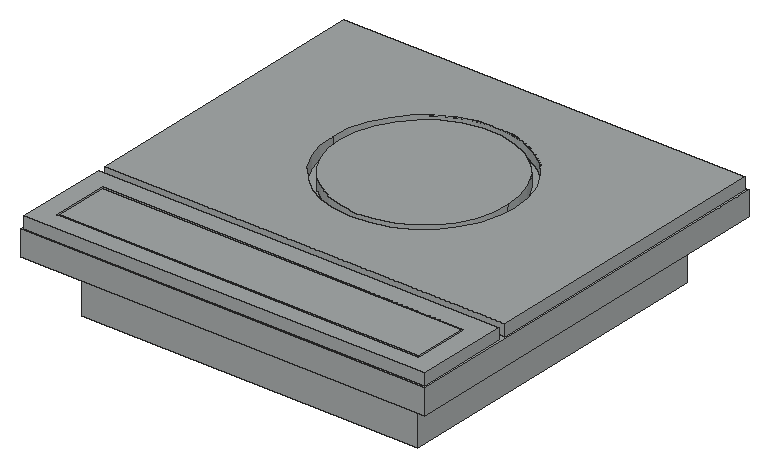
Revit family "Gira_5532920", category Electrical Fixtures, host Face, Revit 2017
Family settings
  Host = Face
  Maintain Annotation Orientation = Yes
  Round Connector Dimension = Use Diameter
  Part Type = Normal
  Cut with Voids When Loaded = No
  Shared = No
  Room Calculation Point = No
Parameters (values of type "Call-btn mod.2-g System 106 stainl.steel")
  Width = "0.1065"
  URL = "http://katalog.gira.de/en/datenblatt.html?artikelnr=5532920"
  Number of bell buttons = "2"
  Name = "Call-btn mod.2-g System 106 stainl.steel"
  Model = "Sys106_Abdeckung_Schalten und Tasten"
  Manufacturer URL = "https://www.gira.de/"
  Manufacturer = "Gira"
  Installation technique = "Bus system"
  HeinzeBIM = "https://bimportal.heinze.de/bim/call-btn-mod-2-g-system-106-stainl-steel/8a943be62d05ae9451a5db32d5b6f11aaaa9b980"
  Height = "0.1065"
  HAN = "5532920"
  GTIN = "4010337022596"
  Edelstahl [instance] = Edelstahl
  Description = "C.btn mod.2g S106 SST,System 106 call-button module,2-gang,Stainless steel,The Gira System 106 is an installation system made of metal in a puristic and elegant frameless design, based on basic measurements of 106.5 × 106.5 mm. With the modular door intercom in Gira System 106, hospitality begins even before you reach the front door. All the functions are presented in a harmonious overall appearance, from the call button module, intercom module, and camera module, up to the info and blank module. In the dark, backlit call buttons with inscription space ensure good legibility and an attractive appearance.,,Individually adaptable modular system, The System 106 can be used in family homes or apartment buildings, as well as in office buildings, industrial properties, and hotels. The modular design enables the system's size, design, and functionality to be individually adapted to the respective requirements. Expansions and changes are possible at any time by easily exchanging the modules.,With this system, it is also possible to exchange the fronts only. This means that the appearance of the system can be changed from e.g. traffic white to a stainless steel surface at a later stage, without having to exchange the electronic units.,,High-quality materials,The modules are frameless with design fronts made of genuine materials, available in two brushed stainless steel versions (V2A and V4A), anodised aluminium C-0, and a metal alloy lacquered in traffic white (RAL 9016): all robust materials which ensure durability. The camera and DIN 18040 display module feature a black glass cover.,,Easy and phased installation,The system can be installed in phases, in parallel to the progress of building work. In this way, it is possible to initially install only the lower part of a surface-mounted housing during construction of the shell; cables and modules can then be added when they are needed.,,Individual inscription options,Call button modules and info modules can be labelled individually via the Gira inscription service.,,Features:,- Easy-to-use, vandal-proof, and scratch-resistant call buttons.,- Function changes, e.g. from 2-gang to 4-gang, can be easily realised by replacing the buttons.,- Various inscription options possible.,,Notes :,- Professional labelling with the Gira Inscription Service www.marking.gira.com."
  Default Elevation = 1219.2 mm
  Data sheet (1) = "https://katalog.gira.de/en/download.html?artikelnr=5532920"
  Category = "Functional module for door communication"
  BIM (1) = "https://media.stage.bim.site/public/gira/36a6b08/Sys106_Abdeckung_Schalten und Tasten.rfa?public/gira/36a6b08/Sys106_Abdeckung_Schalten und Tasten.rfa"
  Available = "No"
Reference planes
  plane 1 "Center (Front/Back)": y = 0
  plane 2 "Reference Level 0": z = 0
  plane 3 "Center (Left/Right)": x = 0
  plane 4 "Reference Level 1": z = 9.5
Forms (mm)
  Extrusion 1, solid, material "Edelstahl" <- "Edelstahl", detail levels coarse
    sketch origin (0, 0, 0) x (1, 0, 0) y (0, 1, 0)
      loop
        line (-53, 53) -> (-53, -53) -> (53, -53) -> (53, 53) -> (-53, 53)
    from -14.7 to 9.5
  Extrusion 2, solid, material "Edelstahl" <- "Edelstahl", detail levels fine
    sketch origin (0, 0, 0) x (1, 0, 0) y (0, 1, 0)
      loop
        line (52.5, -28) -> (-52.5, -28) -> (-52.5, -52.5) -> (52.5, -52.5) -> (52.5, -28)
      loop
        line (-47.5, -48) -> (47.5, -48) -> (47.5, -33) -> (-47.5, -33) -> (-47.5, -48)
    from 6.5 to 9.5
  Extrusion 3, solid, material "Edelstahl" <- "Edelstahl", detail levels fine
    sketch origin (0, 0, 0) x (1, 0, 0) y (0, 1, 0)
      loop
        line (-52.5, 52.5) -> (-52.5, -26) -> (52.5, -26) -> (52.5, 52.5) -> (-52.5, 52.5)
      loop
        circle (0, 13) r 24
    from 6.5 to 9.5
  Extrusion 4, solid, material "Edelstahl" <- "Edelstahl", detail levels medium+fine
    sketch origin (0, 0, 0) x (1, 0, 0) y (0, 1, 0)
      loop
        line (-53, 53) -> (-53, -53) -> (53, -53) -> (53, 53) -> (-53, 53)
    from 0 to 6.5
  Extrusion 5, solid, material "Edelstahl" <- "Edelstahl", detail levels fine
    sketch origin (0, 0, 0) x (1, 0, 0) y (0, 1, 0)
      loop
        line (-44, 44) -> (-44, -44) -> (44, -44) -> (44, 44) -> (-44, 44)
    from -14.7 to 0
  Extrusion 6, solid, material "Edelstahl" <- "Edelstahl", detail levels fine
    sketch origin (0, 0, 0) x (1, 0, 0) y (0, 1, 0)
      loop
        circle (0, 13) r 22
    from 6.5 to 9.5
  Extrusion 7, solid, material "Edelstahl" <- "Edelstahl", detail levels fine
    sketch origin (0, 0, 0) x (1, 0, 0) y (0, 1, 0)
      loop
        line (-47, -33.5) -> (-47, -47.5) -> (47, -47.5) -> (47, -33.5) -> (-47, -33.5)
    from 6.5 to 9.5
  Extrusion 8, solid, material "Edelstahl" <- "Edelstahl", detail levels medium
    sketch origin (0, 0, 0) x (1, 0, 0) y (0, 1, 0)
      loop
        line (-52.5, 52.5) -> (-52.5, -26) -> (52.5, -26) -> (52.5, 52.5) -> (-52.5, 52.5)
      loop
        line (-52.5, -28) -> (-52.5, -52.5) -> (52.5, -52.5) -> (52.5, -28) -> (-52.5, -28)
    from 6.5 to 9.5
  Extrusion 9, solid, material "Edelstahl" <- "Edelstahl", detail levels medium
    sketch origin (0, 0, 0) x (1, 0, 0) y (0, 1, 0)
      loop
        circle (0, 13) r 24
      loop
        line (-47.5, -33) -> (-47.5, -48) -> (47.5, -48) -> (47.5, -33) -> (-47.5, -33)
    from 6.5 to 9.5
Dimensions and locks
  aligned and locked: plane 2 "Reference Level 0" to host face
  aligned and locked: level to host face
  aligned and locked: Extrusion 4 to host face
  aligned and locked: Extrusion 4 to level
  aligned and locked: level to Extrusion 5
  aligned and locked: level to Extrusion 4
  aligned and locked: Extrusion 4 to plane 2 "Reference Level 0"
  aligned and locked: plane 2 "Reference Level 0" to Extrusion 5
  aligned and locked: plane 3 "Center (Left/Right)" to nested 1
  aligned and locked: plane 1 "Center (Front/Back)" to nested 1
Nested families
  nested 1: "Schalter" at (0, 0, 0), type "Schalter"
Connectors
  electrical at (0, 0, -14.7)
    settings: on Extrusion 5, index 1, voltage 220 V, apparent load 0 VA, apparent load phase1 0 VA, apparent load phase2 0 VA, apparent load phase3 0 VA, power factor 1, load classification "Other", number of poles 1, system type 30, power factor state 1, is connector primary yes, connector utility no, sub classification motor no, connector description ""
Definition of nested family "Schalter"
  Reference planes
    plane 1: y = 0
    plane 2: x = 0
  Lines and regions (mm)
    detail lines
      curve 1: circle (1.375, 2.778, 0) r 0.8 normal (0, 0, 1)
      curve 2: line (1.021, 2.061, 0) -> (0, 0, 0)
      curve 3: line (0, 0, 0) -> (-0.538, 0.266, 0)
  Dimensions and locks
    curve 2 to curve 2 = 2.3 mm
    curve 3 to curve 2 = 0.6 mm
    radius of curve 1 = 0.8 mm
